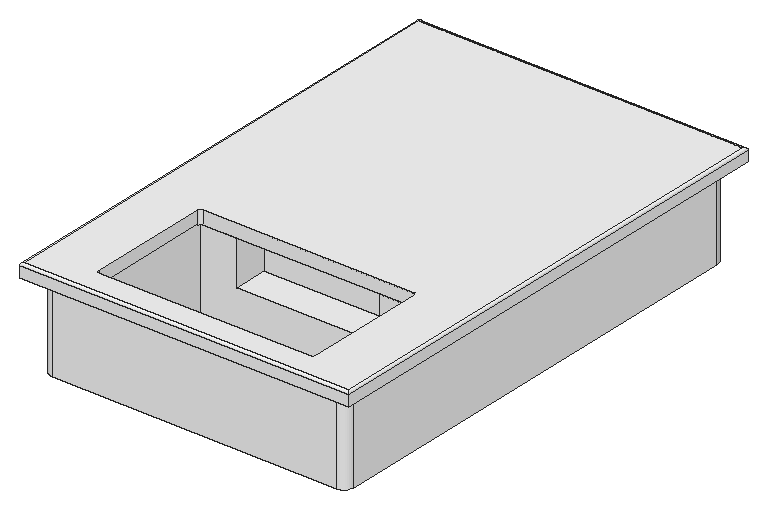
Revit family "NBS_DudleyIndustriesLimited_HndDriers_SlimLineRecessedWarmAirDryer", category Specialty Equipment, host Face, Revit 2016
Family settings
  Host = Face
  Part Type = Normal
  Round Connector Dimension = Use Diameter
  Cut with Voids When Loaded = Yes
  Shared = No
  Room Calculation Point = No
Parameters
  Weight = "14.3 kg"
  WarrantyStartDate [instance] = "1900-12-31T23:59:59"
  WarrantyGuarantorParts = "5"
  WarrantyGuarantorLabor = "5"
  WarrantyDurationUnit = "year"
  WarrantyDurationParts = "year"
  WarrantyDurationLabor = "year"
  WarrantyDescription = "Parts & Labour"
  Version = "3"  # constant formula
  UsageCurrent = 0
  Uniclass2015Version = "Products v1.4"
  Uniclass2015Title = "Hand driers"
  Uniclass2015Code = "Pr_40_70_62_37"
  TagNumber [instance] = "n/a"
  SustainabilityPerformance = "100% Recycleable"
  Style = "Hand Dryer"
  Size = "n/a"
  Shape = "n/a"
  SerialNumber [instance] = "n/a"
  Revision = "n/a"
  ReplacementCost = "n/a"
  ProductInformation = "www.dudleyindustries.com/product/slim-line-recessed-warm-air-dryer/"
  PowerRating = "1400–1900 W"
  PhaseReference = "n/a"
  PhaseAngle = 0.00°
  Operation = "Automatic. No touch"
  NumberOfPoles = 0
  NominalWidth = 382 mm  # constant formula
  NominalVoltage = "n/a"
  NominalLength = 382 mm
  NominalHeight = 579 mm  # constant formula
  NominalFrequencyRange = "n/a"
  NominalDepth = 116 mm  # constant formula
  NominalCurrent = 0
  NoiseLevelAtOneMetre = "81.5 dBA"
  Name = "HandDriers_SlimLineRecessedWarmAirDryer_DudleyIndustriesLimited"
  NBSTypeID = "n/a"
  NBSReference = "45-35-72/334"
  NBSOfficeMasterTag = "n/a"
  NBSNote = "n/a"
  NBSDescription = "Hand driers"
  NBSCertification = "www.nationalbimlibrary.com/cert/1houb24l"
  MotorRotationFrequency = "n/a"
  ModelReference = "Slimline Recessed Warm Air Dryer"
  ModelNumber = "92282SS"
  Material = "Brushed stainless steel"
  ManufacturerURL = "www.dudleyindustries.com"
  ManufacturerName = "Dudley Industries Limited"
  Manufacturer = "info@dudleyindustries.com"
  MainColor = "Satin stainless steel"
  InsulationStandardClass = "n/a"
  InstallationDate [instance] = "1900-12-31T23:59:59"
  IfcExportType = "HANDDRYER"
  IfcExportAs = "IfcElectricApplianceType"
  IP_Code = "n/a"
  HasProtectiveEarth = yes
  HandDryingTime = "15-20 s"
  HandDryerMaterial = NBS_Concept
  Grade = "n/a"
  Form = "Recessed, Wall mounted"
  Finish = "n/a"
  Features = "Clean ergonomic design, Suitable for 100mm wall cavities, Durable stainless steel enclosure, Seam welded fabrication, Integral painted metal liner, Available as an individual unit or with Waste Bin and Paper Towel dispenser, 'No' Touch Automatic operation by infrared sensor built into the air outlet, Automatic start/stop, CE Marked, RoHS, WEEE"
  ExpectedLife = "10"
  EquipmentElectricalPower = "208–240 V AC, 1400–1900 W"
  ElectricalDeviceNominalPower = 0
  DurationUnit = "year"
  Description = "Stylish satin stainless steel warm air dryer"
  Default Elevation = 1000 mm
  Constituents = "n/a"
  Color = "Satin stainless steel"
  CodePerformance = "CE Marked, BS EN 60335-2-23:2003 + *A1:2008 (Particular Requirements for Appliances for skin and hair Care) and BSEN60335-1:2002 + *A2:2006 (incorporating *A1,*A11,*A12, *A13 (Safety of Household and similar electrical appliances), EN55014-1: 2006 + A1: 2009*, EN55014-2: 1997 + A1: 2001 + A2:2008*, EN61000-3-2: 2006, EN61000-3-3: 2008*, Tests marked * are not covered under SGS UKAS Scope, RoHS, WEEE"
  Category = "Pr_40_70_62_37:Hand driers"
  BodyIngressProtectionMinimum = "IP21"
  BodyEnclosure = "304 Stainless steel"
  BodyColourAndFinish = "Satin stainless steel"
  BarCode [instance] = "n/a"
  BIMObjectName = "NBS_DudleyIndustriesLimited_HandDriers_SlimLineRecessedWarmAirDryer"
  Author = "NBS"
  AssetType = "Fixed"
  AssetIdentifier [instance] = "n/a"
  AirOutput = "21 m/s"
  AccessibilityPerformance = "n/a"
Reference planes
  plane 1 "TopOfRecess": y = -69
  plane 2: z = 0
  plane 3 "Center (Left/Right)": x = 0
  plane 4: x = -176
  plane 5: x = 176
  plane 6: y = -234
  plane 7: y = 315
  plane 8: x = -191
  plane 9: x = 191
  plane 10: y = 330
  plane 11 "Center (Front/Back)": y = -249
  plane 12: z = 15
  plane 13: z = -101
  plane 14: x = -126
  plane 15: x = 126
  plane 16: z = -99
  plane 17: y = -219
  plane 18: y = -174
  plane 19: z = -52
  plane 20: x = -83.5
  plane 21: x = 83.5
  plane 22: y = -29
Forms (mm)
  Extrusion 1, void
    sketch origin (0, 0, 0) x (1, 0, 0) y (0, 1, 0)
      loop
        line (-176, 315) -> (-176, -234) -> (176, -234) -> (176, 315) -> (-176, 315)
    from -101 to 0
  Extrusion 2, solid, material "NBS_Concept" <- "HandDryerMaterial", detail levels coarse
    sketch origin (0, 0, 0) x (1, 0, 0) y (0, 1, 0)
      loop
        line (176, -234) -> (176, 315) -> (-176, 315) -> (-176, -234) -> (176, -234)
    from -101 to 0
  Extrusion 3, solid, material "NBS_Concept" <- "HandDryerMaterial", detail levels coarse+medium
    sketch origin (0, 0, 0) x (1, 0, 0) y (0, 1, 0)
      loop
        line (-191, 330) -> (-191, -249) -> (191, -249) -> (191, 330) -> (-191, 330)
      loop
        line (-126, -69) -> (-126, -219) -> (126, -219) -> (126, -69) -> (-126, -69)
    from 0 to 15
  Extrusion 4, solid, material "NBS_Concept" <- "HandDryerMaterial", detail levels fine
    sketch origin (0, 0, 0) x (1, 0, 0) y (0, 1, 0)
      loop
        line (-176, 304) -> (-176, -223)
        arc (-176, -223) -> (-172.778, -230.778) -> (-165, -234) r 11
        line (-165, -234) -> (165, -234)
        arc (165, -234) -> (172.778, -230.778) -> (176, -223) r 11
        line (176, -223) -> (176, 304)
        arc (176, 304) -> (172.778, 311.778) -> (165, 315) r 11
        line (165, 315) -> (-165, 315)
        arc (-165, 315) -> (-172.778, 311.778) -> (-176, 304) r 11
    from -101 to 0
  Extrusion 5, solid, material "NBS_Concept" <- "HandDryerMaterial", detail levels fine
    sketch origin (0, 0, 0) x (1, 0, 0) y (0, 1, 0)
      loop
        line (-191, 330) -> (-191, -249) -> (191, -249) -> (191, 330) -> (-191, 330)
      loop
        line (-126, -73) -> (-126, -215)
        arc (-126, -215) -> (-124.828, -217.828) -> (-122, -219) r 4
        line (-122, -219) -> (122, -219)
        arc (122, -219) -> (124.828, -217.828) -> (126, -215) r 4
        line (126, -215) -> (126, -73)
        arc (126, -73) -> (124.828, -70.172) -> (122, -69) r 4
        line (122, -69) -> (-122, -69)
        arc (-122, -69) -> (-124.828, -70.172) -> (-126, -73) r 4
    from 0 to 15
  Extrusion 6, void
    sketch origin (0, 0, 0) x (0, 1, 0) y (0, 0, 1)
      loop
        line (-69, 0) -> (-219, 0) -> (-174, -99) -> (-69, -99) -> (-69, 0)
    from -126 to 126
  Sweep 7, void
    path origin (0, 0, 0) x (1, 0, 0) y (0, 1, 0)
      loop
        line (-191, -249) -> (191, -249) -> (191, 330) -> (-191, 330) -> (-191, -249)
    profile origin (-191, 40.5, 0) x (-1, 0, 0) y (0, 0, 1)
      loop
        line (0, 15) -> (-3, 15)
        arc (-3, 15) -> (-0.879, 14.121) -> (0, 12) r 3
        line (0, 12) -> (0, 15)
  Extrusion 8, void
    sketch origin (0, -69, 0) x (1, 0, 0) y (0, 0, 1)
      loop
        line (-83.5, 0) -> (-83.5, -52) -> (83.5, -52) -> (83.5, 0) -> (-83.5, 0)
    from -40 to 0
  Extrusion 9, solid, material "NBS_Concept" <- "HandDryerMaterial", detail levels medium
    sketch origin (0, 0, 0) x (1, 0, 0) y (0, 1, 0)
      loop
        line (-176, 315) -> (-176, -234) -> (176, -234) -> (176, 315) -> (-176, 315)
    from -101 to 0
Cuts and joins
  Extrusion 6 cuts Extrusion 2
  Extrusion 6, Extrusion 8 cuts Extrusion 3
  Extrusion 6, Extrusion 8 cuts Extrusion 4
  Extrusion 6, Sweep 7, Extrusion 8 cuts Extrusion 5
  Extrusion 6, Extrusion 8 cuts Extrusion 9
Dimensions and locks
  "NominalHeight": plane 10 to plane 11 "Center (Front/Back)"
  host face to plane 13 = 101 mm
  plane 12 to host face = 15 mm
  locked: plane 6 to plane 11 "Center (Front/Back)" at 15
  locked: plane 10 to plane 7 at 15
  locked: plane 8 to plane 4 at 15
  locked: plane 5 to plane 9 at 15
  locked: plane 12 to host face at 15
  locked: plane 16 to plane 13 at 2
  locked: plane 8 to plane 14 at 65
  locked: plane 15 to plane 9 at 65
  locked: plane 17 to plane 11 "Center (Front/Back)" at 30
  locked: plane 1 "TopOfRecess" to plane 17 at 150
  "NominalWidth": plane 8 to plane 9
  equal spacing: plane 8, plane 3 "Center (Left/Right)", plane 9
  "NominalDepth": plane 12 to plane 13
  locked: plane 18 to plane 11 "Center (Front/Back)" at 75
  plane 20 to plane 3 "Center (Left/Right)" to plane 21 = 83.5 mm locked, 83.5 mm locked
  locked: plane 1 "TopOfRecess" to plane 22 at 40
  locked: plane 19 to host face at 52
  radius of Extrusion 4 sketch curve = 11 mm  (x4)
  radius of Extrusion 5 sketch curve = 4 mm  (x4)
  radius of Sweep 7 sketch curve = 3 mm
  aligned and locked: plane 2 to host face
  aligned and locked: level to host face
  aligned and locked: Extrusion 1 sketch curve to plane 7
  aligned and locked: plane 4 to Extrusion 1 sketch curve
  aligned and locked: plane 6 to Extrusion 1 sketch curve
  aligned and locked: Extrusion 1 sketch curve to plane 5
  aligned and locked: Extrusion 1 to plane 13
  aligned and locked: host face to Extrusion 1
  aligned and locked: plane 6 to Extrusion 2 sketch curve
  aligned and locked: Extrusion 2 sketch curve to plane 5
  aligned and locked: plane 4 to Extrusion 2 sketch curve
  aligned and locked: Extrusion 2 sketch curve to plane 7
  aligned and locked: host face to Extrusion 2
  aligned and locked: Extrusion 2 to plane 13
  aligned and locked: plane 1 "TopOfRecess" to Extrusion 3 sketch curve
  aligned and locked: Extrusion 3 sketch curve to plane 15
  aligned and locked: Extrusion 3 sketch curve to plane 14
  aligned and locked: plane 17 to Extrusion 3 sketch curve
  aligned and locked: plane 8 to Extrusion 3 sketch curve
  aligned and locked: plane 11 "Center (Front/Back)" to Extrusion 3 sketch curve
  aligned and locked: Extrusion 3 sketch curve to plane 9
  aligned and locked: Extrusion 3 sketch curve to plane 10
  aligned and locked: Extrusion 3 to host face
  aligned and locked: plane 12 to Extrusion 3
  aligned and locked: Extrusion 4 sketch curve to plane 7
  aligned and locked: plane 5 to Extrusion 4 sketch curve
  aligned and locked: Extrusion 4 sketch curve to plane 4
  aligned and locked: Extrusion 4 sketch curve to plane 6
  aligned and locked: Extrusion 4 to plane 13
  aligned and locked: host face to Extrusion 4
  aligned and locked: Extrusion 5 sketch curve to plane 10
  aligned and locked: plane 8 to Extrusion 5 sketch curve
  aligned and locked: Extrusion 5 sketch curve to plane 9
  aligned and locked: plane 11 "Center (Front/Back)" to Extrusion 5 sketch curve
  aligned and locked: plane 1 "TopOfRecess" to Extrusion 5 sketch curve
  aligned and locked: Extrusion 5 sketch curve to plane 14
  aligned and locked: plane 17 to Extrusion 5 sketch curve
  aligned and locked: Extrusion 5 sketch curve to plane 15
  aligned and locked: Extrusion 5 to host face
  aligned and locked: plane 12 to Extrusion 5
  aligned and locked: host face to Extrusion 6 sketch curve
  aligned and locked: plane 17 to Extrusion 6 sketch curve
  aligned and locked: plane 18 to Extrusion 6 sketch curve
  aligned and locked: plane 16 to Extrusion 6 sketch curve
  aligned and locked: Extrusion 6 sketch curve to plane 1 "TopOfRecess"
  aligned and locked: plane 15 to cut or joined group of Extrusion 4, Extrusion 6, Extrusion 8
  aligned and locked: plane 14 to cut or joined group of Extrusion 4, Extrusion 6, Extrusion 8
  aligned and locked: plane 8 to Sweep 7 sketch curve  (x2)
  aligned and locked: Sweep 7 sketch curve to plane 10
  aligned and locked: Sweep 7 sketch curve to plane 9
  aligned and locked: plane 11 "Center (Front/Back)" to Sweep 7 sketch curve
  aligned and locked: plane 12 to Sweep 7 sketch curve
  aligned and locked: Extrusion 8 sketch curve to plane 19
  aligned and locked: Extrusion 8 sketch curve to plane 21
  aligned and locked: plane 20 to Extrusion 8 sketch curve
  aligned and locked: Extrusion 8 sketch curve to host face
  aligned and locked: plane 1 "TopOfRecess" to cut or joined group of Extrusion 4, Extrusion 6, Extrusion 8
  aligned and locked: plane 22 to cut or joined group of Extrusion 4, Extrusion 6, Extrusion 8
  aligned and locked: Extrusion 9 sketch curve to plane 7
  aligned and locked: plane 4 to Extrusion 9 sketch curve
  aligned and locked: Extrusion 9 sketch curve to plane 5
  aligned and locked: plane 6 to Extrusion 9 sketch curve
  aligned and locked: Extrusion 9 to plane 13
  aligned and locked: host face to cut or joined group of Extrusion 6, Extrusion 8, Extrusion 9
Automatic sketch dimensions
  host sketch curve to host sketch curve = 582 mm
  host sketch curve to host sketch curve = 779 mm
